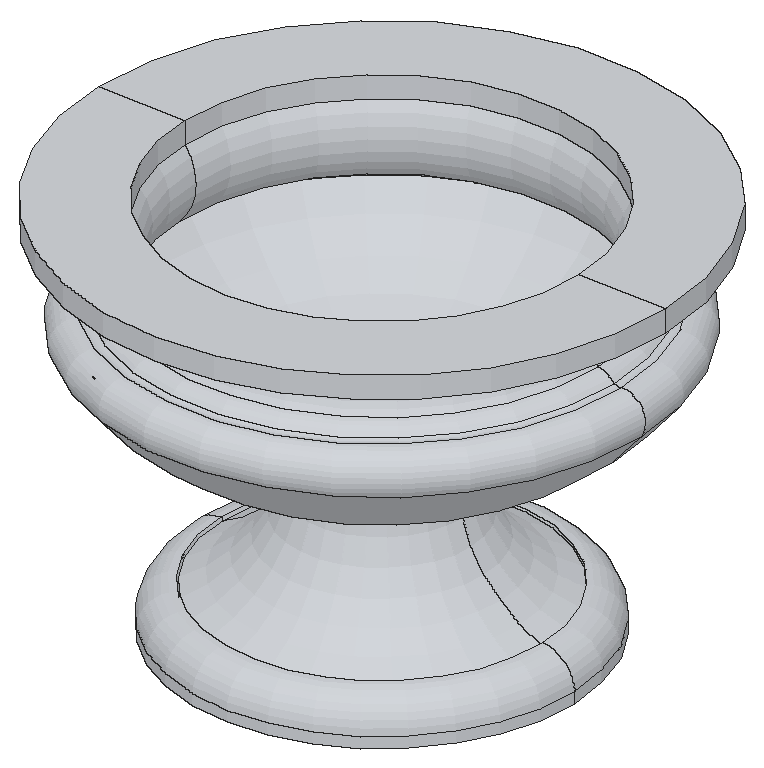
Revit family
Parameters (values of type "SBSP-046.1")
  Width = 2' - 11"
  URL = "www.strombergarchitectural.com"
  Top Material = GFRC
  Submittal Sheet = "www.strombergarchitectural.com/images/materials/gfrc/submittal/gfrc-submittal-sheet.pdf"
  Specifications = "www.strombergarchitectural.com/gfrcspecifications"
  Model Cut-sheet = "www.strombergarchitectural.com/products/bollards/design/SBSP-046"
  Model = "SBSP-046"
  Manufacturer = "Stromberg Architectural Products"
  Guidebook = "www.strombergarchitectural.com/images/materials/gfrc/handbooks/gfrc_guidebook.pdf   \r\n(http://www.strombergarchitectural.com/images/materials/gfrc/handbooks/gfrc_guidebook.pdf"
  Frame Material = none
  Description = "GFRC Bollard"
  Assembly Code = ""
  Height = 2' - 0"
  XXX.5 = no
  XXX.4 = no
  XXX.3 = no
  XXX.2 = no
  XXX.1 = yes
Types (6): name | Width | Guidebook | Height | XXX.5 | XXX.4 | XXX.3 | XXX.2 | XXX.1
  (no name) | 2' - 11" | "www.strombergarchitectural.com/images/materials/gfrc/handbooks/gfrc_guidebook.pdf   \r\n(http://www.strombergarchitectural.com/images/materials/gfrc/handbooks/gfrc_guidebook.pdf" | 2' - 0" | no | no | no | no | yes
  SBSP-046.3 | 4' - 5" | "www.strombergarchitectural.com/images/materials/gfrc/handbooks/gfrc_guidebook.pdf" | 3' - 0" | no | no | yes | no | no
  SBSP-046.1 | 2' - 11" | "www.strombergarchitectural.com/images/materials/gfrc/handbooks/gfrc_guidebook.pdf   \r\n(http://www.strombergarchitectural.com/images/materials/gfrc/handbooks/gfrc_guidebook.pdf" | 2' - 0" | no | no | no | no | yes
  SBSP-046.2 | 3' - 8" | "www.strombergarchitectural.com/images/materials/gfrc/handbooks/gfrc_guidebook.pdf" | 2' - 6" | no | no | no | yes | no
  SBSP-046.4 | 5' - 2" | "www.strombergarchitectural.com/images/materials/gfrc/handbooks/gfrc_guidebook.pdf" | 3' - 6" | no | yes | no | no | no
  SBSP-046.5 | 5' - 11" | "www.strombergarchitectural.com/images/materials/gfrc/handbooks/gfrc_guidebook.pdf" | 4' - 0" | yes | no | no | no | no
Reference planes (in)
  plane 1 "Center (Front/Back)": y = 3.74847
  plane 2: z = 0
  plane 3 "Center (Left/Right)": x = 0.7278
Forms (in)
  Revolve 1, solid, visible <- "XXX.1"
    sketch origin (0, 3.74847, 0) x (1, 0, 0) y (0, 0, 1)
      loop
        line (-11.54735, 24) -> (-16.93887, 24) -> (-16.93887, 22.66667) -> (-14.21402, 22.66667)
        arc (-14.21402, 22.66667) -> (-12.38139, 21.46758) -> (-12.74623, 19.30814) r 2
        arc (-12.74623, 19.30814) -> (-13.29963, 19.10494) -> (-13.74767, 18.7218) r 1.66667
        arc (-13.74767, 18.7218) -> (-13.98903, 18.64409) -> (-14.24157, 18.66686) r 0.63601
        arc (-14.24157, 18.66686) -> (-15.53926, 17.88298) -> (-15.45674, 16.36916) r 1.4721
        arc (-15.45674, 16.36916) -> (-10.5177, 12.06336) -> (-4.11589, 10.66667) r 13.18547
        arc (-4.11589, 10.66667) -> (-4.10533, 10.33341) -> (-4.10842, 10) r 8.13681
        line (-4.10842, 10) -> (-4.48908, 10)
        arc (-4.48908, 10) -> (-4.82241, 9.66667) -> (-4.48908, 9.33333) r 0.33333
        line (-4.48908, 9.33333) -> (-3.98805, 9.33333)
        arc (-3.98805, 9.33333) -> (-5.64879, 5.19431) -> (-9.21138, 2.51149) r 8.30348
        line (-9.21138, 2.51149) -> (-9.2722, 2.66667)
        arc (-9.2722, 2.66667) -> (-10.68641, 2.08088) -> (-11.2722, 0.66667) r 2
        line (-11.2722, 0.66667) -> (-11.2722, 0) -> (0.7278, 0) -> (0.7278, 1.33333) -> (-9.03009, 1.33333)
        arc (-9.03009, 1.33333) -> (-3.99244, 5.59101) -> (-2.95649, 12.10503) r 9.47014
        arc (-2.95649, 12.10503) -> (-9.36679, 12.99463) -> (-14.35415, 17.11891) r 11.85213
        arc (-14.35415, 17.11891) -> (-14.37017, 17.23684) -> (-14.28893, 17.32382) r 0.13877
        arc (-14.28893, 17.32382) -> (-13.66094, 17.34671) -> (-13.07398, 17.57118) r 1.91966
        line (-13.07398, 17.57118) -> (-11.92401, 18.24449)
        arc (-11.92401, 18.24449) -> (-10.89271, 20.38378) -> (-11.54735, 22.66667) r 3.33333
        line (-11.54735, 22.66667) -> (-11.54735, 24)
      axis (0.7278, 24) -> (0.7278, 0)
    angle from 0 to 360
  Revolve 2, solid, visible <- "XXX.2"
    sketch origin (0, 3.74847, 0) x (1, 0, 0) y (0, 0, 1)
      loop
        line (-14.61614, 30) -> (-21.35553, 30) -> (-21.35553, 28.33333) -> (-17.94948, 28.33333)
        arc (-17.94948, 28.33333) -> (-15.65869, 26.83448) -> (-16.11474, 24.13517) r 2.5
        arc (-16.11474, 24.13517) -> (-16.80649, 23.88118) -> (-17.36654, 23.40225) r 2.08333
        arc (-17.36654, 23.40225) -> (-17.66824, 23.30512) -> (-17.98391, 23.33357) r 0.79501
        arc (-17.98391, 23.33357) -> (-19.60602, 22.35372) -> (-19.50287, 20.46145) r 1.84013
        arc (-19.50287, 20.46145) -> (-13.32908, 15.07921) -> (-5.32681, 13.33333) r 16.48183
        arc (-5.32681, 13.33333) -> (-5.31361, 12.91676) -> (-5.31748, 12.5) r 10.17101
        line (-5.31748, 12.5) -> (-5.7933, 12.5)
        arc (-5.7933, 12.5) -> (-6.20997, 12.08333) -> (-5.7933, 11.66667) r 0.41667
        line (-5.7933, 11.66667) -> (-5.16701, 11.66667)
        arc (-5.16701, 11.66667) -> (-7.24293, 6.49289) -> (-11.69617, 3.13937) r 10.37934
        line (-11.69617, 3.13937) -> (-11.7722, 3.33333)
        arc (-11.7722, 3.33333) -> (-13.53997, 2.6011) -> (-14.2722, 0.83333) r 2.5
        line (-14.2722, 0.83333) -> (-14.2722, 0) -> (0.7278, 0) -> (0.7278, 1.66667) -> (-11.46956, 1.66667)
        arc (-11.46956, 1.66667) -> (-5.1725, 6.98876) -> (-3.87756, 15.13129) r 11.83768
        arc (-3.87756, 15.13129) -> (-11.89044, 16.24329) -> (-18.12463, 21.39864) r 14.81517
        arc (-18.12463, 21.39864) -> (-18.14466, 21.54605) -> (-18.04312, 21.65477) r 0.17346
        arc (-18.04312, 21.65477) -> (-17.25812, 21.68338) -> (-16.52443, 21.96397) r 2.39957
        line (-16.52443, 21.96397) -> (-15.08696, 22.80561)
        arc (-15.08696, 22.80561) -> (-13.79784, 25.47972) -> (-14.61614, 28.33333) r 4.16667
        line (-14.61614, 28.33333) -> (-14.61614, 30)
      axis (0.7278, 30) -> (0.7278, 0)
    angle from 0 to 360
  Revolve 3, solid, visible <- "XXX.3"
    sketch origin (0, 3.74847, 0) x (1, 0, 0) y (0, 0, 1)
      loop
        line (-17.68493, 36) -> (-25.7722, 36) -> (-25.7722, 34) -> (-21.68493, 34)
        arc (-21.68493, 34) -> (-18.93599, 32.20138) -> (-19.48325, 28.96221) r 3
        arc (-19.48325, 28.96221) -> (-20.31335, 28.65741) -> (-20.9854, 28.0827) r 2.5
        arc (-20.9854, 28.0827) -> (-21.34745, 27.96614) -> (-21.72625, 28.00028) r 0.95402
        arc (-21.72625, 28.00028) -> (-23.67279, 26.82447) -> (-23.54901, 24.55374) r 2.20816
        arc (-23.54901, 24.55374) -> (-16.14045, 18.09505) -> (-6.53774, 16) r 19.7782
        arc (-6.53774, 16) -> (-6.52189, 15.50011) -> (-6.52654, 15) r 12.20521
        line (-6.52654, 15) -> (-7.09752, 15)
        arc (-7.09752, 15) -> (-7.59752, 14.5) -> (-7.09752, 14) r 0.5
        line (-7.09752, 14) -> (-6.34598, 14)
        arc (-6.34598, 14) -> (-8.83708, 7.79146) -> (-14.18097, 3.76724) r 12.45521
        line (-14.18097, 3.76724) -> (-14.2722, 4)
        arc (-14.2722, 4) -> (-16.39352, 3.12132) -> (-17.2722, 1) r 3
        line (-17.2722, 1) -> (-17.2722, 0) -> (-17.10063, 0) -> (0.7278, 0) -> (0.7278, 2) -> (-13.90903, 2)
        arc (-13.90903, 2) -> (-6.35256, 8.38651) -> (-4.79863, 18.15755) r 14.20521
        arc (-4.79863, 18.15755) -> (-14.41409, 19.49195) -> (-21.89512, 25.67837) r 17.7782
        arc (-21.89512, 25.67837) -> (-21.91915, 25.85526) -> (-21.7973, 25.98573) r 0.20816
        arc (-21.7973, 25.98573) -> (-20.85531, 26.02006) -> (-19.97488, 26.35677) r 2.87949
        line (-19.97488, 26.35677) -> (-18.24991, 27.36673)
        arc (-18.24991, 27.36673) -> (-16.70297, 30.57567) -> (-17.68493, 34) r 5
        line (-17.68493, 34) -> (-17.68493, 36)
      axis (0.7278, 36) -> (0.7278, 0)
    angle from 0 to 360
  Revolve 4, solid, visible <- "XXX.4"
    sketch origin (0, 3.74847, 0) x (1, 0, 0) y (0, 0, 1)
      loop
        line (-20.75372, 39.66667) -> (-20.75372, 42) -> (-30.18887, 42) -> (-30.18887, 39.66667) -> (-25.42039, 39.66667)
        arc (-25.42039, 39.66667) -> (-22.21328, 37.56827) -> (-22.85176, 33.78924) r 3.5
        arc (-22.85176, 33.78924) -> (-23.82021, 33.43365) -> (-24.60427, 32.76315) r 2.91667
        arc (-24.60427, 32.76315) -> (-25.02666, 32.62716) -> (-25.4686, 32.667) r 1.11302
        arc (-25.4686, 32.667) -> (-27.73955, 31.29521) -> (-27.59514, 28.64603) r 2.57618
        arc (-27.59514, 28.64603) -> (-18.95183, 21.11089) -> (-7.74866, 18.66667) r 23.07457
        arc (-7.74866, 18.66667) -> (-7.73017, 18.08347) -> (-7.73559, 17.5) r 14.23942
        line (-7.73559, 17.5) -> (-8.40174, 17.5)
        arc (-8.40174, 17.5) -> (-8.98507, 16.91667) -> (-8.40174, 16.33333) r 0.58333
        line (-8.40174, 16.33333) -> (-7.52494, 16.33333)
        arc (-7.52494, 16.33333) -> (-10.43122, 9.09004) -> (-16.66576, 4.39512) r 14.53108
        line (-16.66576, 4.39512) -> (-16.7722, 4.66667)
        arc (-16.7722, 4.66667) -> (-19.24707, 3.64154) -> (-20.2722, 1.16667) r 3.5
        line (-20.2722, 1.16667) -> (-20.2722, 0) -> (0.7278, 0) -> (0.7278, 2.33333) -> (-16.34851, 2.33333)
        arc (-16.34851, 2.33333) -> (-7.53262, 9.78426) -> (-5.7197, 21.1838) r 16.57275
        arc (-5.7197, 21.1838) -> (-16.93773, 22.74061) -> (-25.6656, 29.9581) r 20.74124
        arc (-25.6656, 29.9581) -> (-25.69365, 30.16447) -> (-25.55148, 30.31668) r 0.24285
        arc (-25.55148, 30.31668) -> (-24.45249, 30.35674) -> (-23.42532, 30.74956) r 3.3594
        line (-23.42532, 30.74956) -> (-21.41286, 31.92785)
        arc (-21.41286, 31.92785) -> (-19.6081, 35.67161) -> (-20.75372, 39.66667) r 5.83333
      axis (0.7278, 42) -> (0.7278, 0)
    angle from 0 to 360
  Revolve 5, solid, visible <- "XXX.5"
    sketch origin (0, 3.74847, 0) x (1, 0, 0) y (0, 0, 1)
      loop
        line (-23.82251, 48) -> (-34.60553, 48) -> (-34.60553, 45.33333) -> (-29.15584, 45.33333)
        arc (-29.15584, 45.33333) -> (-25.49058, 42.93517) -> (-26.22027, 38.61627) r 4
        arc (-26.22027, 38.61627) -> (-27.32706, 38.20988) -> (-28.22314, 37.44359) r 3.33333
        arc (-28.22314, 37.44359) -> (-28.70586, 37.28818) -> (-29.21094, 37.33371) r 1.27202
        arc (-29.21094, 37.33371) -> (-31.80631, 35.76596) -> (-31.64127, 32.73832) r 2.94421
        arc (-31.64127, 32.73832) -> (-21.7632, 24.12673) -> (-8.95958, 21.33333) r 26.37094
        arc (-8.95958, 21.33333) -> (-8.93845, 20.66682) -> (-8.94465, 20) r 16.27362
        line (-8.94465, 20) -> (-9.70596, 20)
        arc (-9.70596, 20) -> (-10.37263, 19.33333) -> (-9.70596, 18.66667) r 0.66667
        line (-9.70596, 18.66667) -> (-8.7039, 18.66667)
        arc (-8.7039, 18.66667) -> (-12.02537, 10.38862) -> (-19.15055, 5.02299) r 16.60695
        line (-19.15055, 5.02299) -> (-19.2722, 5.33333)
        arc (-19.2722, 5.33333) -> (-22.10063, 4.16176) -> (-23.2722, 1.33333) r 4
        line (-23.2722, 1.33333) -> (-23.2722, 0) -> (0.7278, 0) -> (0.7278, 2.66667) -> (-18.78798, 2.66667)
        arc (-18.78798, 2.66667) -> (-8.71268, 11.18201) -> (-6.64077, 24.21006) r 18.94029
        arc (-6.64077, 24.21006) -> (-19.46138, 25.98926) -> (-29.43609, 34.23783) r 23.70427
        arc (-29.43609, 34.23783) -> (-29.46814, 34.47368) -> (-29.30566, 34.64763) r 0.27754
        arc (-29.30566, 34.64763) -> (-28.04967, 34.69342) -> (-26.87577, 35.14236) r 3.83932
        line (-26.87577, 35.14236) -> (-24.57581, 36.48898)
        arc (-24.57581, 36.48898) -> (-22.51323, 40.76756) -> (-23.82251, 45.33333) r 6.66667
        line (-23.82251, 45.33333) -> (-23.82251, 48)
      axis (0.7278, 48) -> (0.7278, 0)
    angle from 0 to 360
